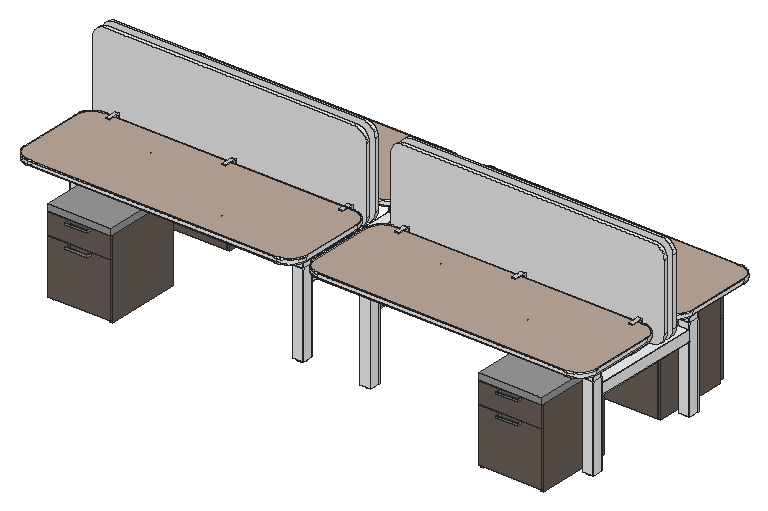
Revit family "T200098", category Furniture, Revit 2022 (continued)
Definition of nested family "OFS RANGE HEIGHT ADJUSTABLE BENCH KIT"
  Forms (in)
    Extrusion 8, solid, material <- "Structure Material"
      sketch origin (0, 10.875, 0) x (1, 0, 0) y (0, 0, 1)
        loop
          arc (-22, 26.875) -> (-21.96339, 26.78661) -> (-21.875, 26.75) r 0.125
          line (-21.875, 26.75) -> (-21, 26.75)
          arc (-21, 26.75) -> (-20.91161, 26.78661) -> (-20.875, 26.875) r 0.125
          line (-20.875, 26.875) -> (-20.875, 27.75)
          arc (-20.875, 27.75) -> (-20.91161, 27.83839) -> (-21, 27.875) r 0.125
          line (-21, 27.875) -> (-21.875, 27.875)
      from 29.99878 to 45.75
    Extrusion 9, solid, material <- "Structure Material"
      sketch origin (0, 0, 0) x (0, 1, 0) y (0, 0, 1)
        loop
          line (5.9375, 27.875) -> (5, 27.875)
          arc (5, 27.875) -> (4.91161, 27.83839) -> (4.875, 27.75) r 0.125
          line (4.875, 27.75) -> (4.875, 26.875)
          arc (4.875, 26.875) -> (4.91161, 26.78661) -> (5, 26.75) r 0.125
          line (5, 26.75) -> (5.9375, 26.75)
          arc (5.9375, 26.75) -> (6.02589, 26.78661) -> (6.0625, 26.875) r 0.125
          line (6.0625, 26.875) -> (6.0625, 27.75)
          arc (6.0625, 27.75) -> (6.02589, 27.83839) -> (5.9375, 27.875) r 0.125
        loop
          arc (0.0625, 27.875) -> (-0.02589, 27.83839) -> (-0.0625, 27.75) r 0.125
          line (-0.0625, 27.75) -> (-0.0625, 26.875)
          arc (-0.0625, 26.875) -> (-0.02589, 26.78661) -> (0.0625, 26.75) r 0.125
          line (0.0625, 26.75) -> (1, 26.75)
          arc (1, 26.75) -> (1.08839, 26.78661) -> (1.125, 26.875) r 0.125
          line (1.125, 26.875) -> (1.125, 27.75)
          arc (1.125, 27.75) -> (1.08839, 27.83839) -> (1, 27.875) r 0.125
          line (1, 27.875) -> (0.0625, 27.875)
        loop
          line (-24.0625, 27.875) -> (-25, 27.875)
          arc (-25, 27.875) -> (-25.08839, 27.83839) -> (-25.125, 27.75) r 0.125
          line (-25.125, 27.75) -> (-25.125, 26.875)
          arc (-25.125, 26.875) -> (-25.08839, 26.78661) -> (-25, 26.75) r 0.125
          line (-25, 26.75) -> (-24.0625, 26.75)
          arc (-24.0625, 26.75) -> (-23.97411, 26.78661) -> (-23.9375, 26.875) r 0.125
          line (-23.9375, 26.875) -> (-23.9375, 27.75)
          arc (-23.9375, 27.75) -> (-23.97411, 27.83839) -> (-24.0625, 27.875) r 0.125
        loop
          arc (-29.9375, 27.875) -> (-30.02589, 27.83839) -> (-30.0625, 27.75) r 0.125
          line (-30.0625, 27.75) -> (-30.0625, 26.875)
          arc (-30.0625, 26.875) -> (-30.02589, 26.78661) -> (-29.9375, 26.75) r 0.125
          line (-29.9375, 26.75) -> (-29, 26.75)
          arc (-29, 26.75) -> (-28.91161, 26.78661) -> (-28.875, 26.875) r 0.125
          line (-28.875, 26.875) -> (-28.875, 27.75)
          arc (-28.875, 27.75) -> (-28.91161, 27.83839) -> (-29, 27.875) r 0.125
          line (-29, 27.875) -> (-29.9375, 27.875)
      from -20.875 to -0.5
    Extrusion 10, solid, material <- "Structure Material"
      sketch origin (0, 0, 0) x (0, 1, 0) y (0, 0, 1)
        loop
          line (5.9375, 27.875) -> (5, 27.875)
          arc (5, 27.875) -> (4.91161, 27.83839) -> (4.875, 27.75) r 0.125
          line (4.875, 27.75) -> (4.875, 26.875)
          arc (4.875, 26.875) -> (4.91161, 26.78661) -> (5, 26.75) r 0.125
          line (5, 26.75) -> (5.9375, 26.75)
          arc (5.9375, 26.75) -> (6.02589, 26.78661) -> (6.0625, 26.875) r 0.125
          line (6.0625, 26.875) -> (6.0625, 27.75)
          arc (6.0625, 27.75) -> (6.02589, 27.83839) -> (5.9375, 27.875) r 0.125
        loop
          line (1, 27.875) -> (0.0625, 27.875)
          arc (0.0625, 27.875) -> (-0.02589, 27.83839) -> (-0.0625, 27.75) r 0.125
          line (-0.0625, 27.75) -> (-0.0625, 26.875)
          arc (-0.0625, 26.875) -> (-0.02589, 26.78661) -> (0.0625, 26.75) r 0.125
          line (0.0625, 26.75) -> (1, 26.75)
          arc (1, 26.75) -> (1.08839, 26.78661) -> (1.125, 26.875) r 0.125
          line (1.125, 26.875) -> (1.125, 27.75)
          arc (1.125, 27.75) -> (1.08839, 27.83839) -> (1, 27.875) r 0.125
        loop
          line (-29, 27.875) -> (-29.9375, 27.875)
          arc (-29.9375, 27.875) -> (-30.02589, 27.83839) -> (-30.0625, 27.75) r 0.125
          line (-30.0625, 27.75) -> (-30.0625, 26.875)
          arc (-30.0625, 26.875) -> (-30.02589, 26.78661) -> (-29.9375, 26.75) r 0.125
          line (-29.9375, 26.75) -> (-29, 26.75)
          arc (-29, 26.75) -> (-28.91161, 26.78661) -> (-28.875, 26.875) r 0.125
          line (-28.875, 26.875) -> (-28.875, 27.75)
          arc (-28.875, 27.75) -> (-28.91161, 27.83839) -> (-29, 27.875) r 0.125
        loop
          line (-24.0625, 27.875) -> (-25, 27.875)
          arc (-25, 27.875) -> (-25.08839, 27.83839) -> (-25.125, 27.75) r 0.125
          line (-25.125, 27.75) -> (-25.125, 26.875)
          arc (-25.125, 26.875) -> (-25.08839, 26.78661) -> (-25, 26.75) r 0.125
          line (-25, 26.75) -> (-24.0625, 26.75)
          arc (-24.0625, 26.75) -> (-23.97411, 26.78661) -> (-23.9375, 26.875) r 0.125
          line (-23.9375, 26.875) -> (-23.9375, 27.75)
          arc (-23.9375, 27.75) -> (-23.97411, 27.83839) -> (-24.0625, 27.875) r 0.125
      from 0.5 to 20.875
    Extrusion 11, solid, material <- "Structure Material"
      sketch origin (0, 0, 0) x (0, 1, 0) y (0, 0, 1)
        loop
          line (5.9375, 27.75) -> (5, 27.75) -> (5, 26.875) -> (5.9375, 26.875) -> (5.9375, 27.75)
        loop
          line (1, 27.75) -> (0.0625, 27.75) -> (0.0625, 26.875) -> (1, 26.875) -> (1, 27.75)
        loop
          line (-24.0625, 27.75) -> (-25, 27.75) -> (-25, 26.875) -> (-24.0625, 26.875) -> (-24.0625, 27.75)
        loop
          line (-29, 27.75) -> (-29.9375, 27.75) -> (-29.9375, 26.875) -> (-29, 26.875) -> (-29, 27.75)
      from -0.5 to 0.5
    Extrusion 12, solid, material <- "Structure Material"
      sketch origin (0, 0, 0) x (1, 0, 0) y (0, 1, 0)
        loop
          line (-20.5, 4.625) -> (-20.5, 1.375) -> (-16.75, 1.375) -> (-16.75, 4.625) -> (-20.5, 4.625)
        loop
          line (-20.5, -28.625) -> (-16.75, -28.625) -> (-16.75, -25.375) -> (-20.5, -25.375) -> (-20.5, -28.625)
        loop
          line (20.5, 4.625) -> (16.75, 4.625) -> (16.75, 1.375) -> (20.5, 1.375) -> (20.5, 4.625)
        loop
          line (20.5, -28.625) -> (20.5, -25.375) -> (16.75, -25.375) -> (16.75, -28.625) -> (20.5, -28.625)
      from 25.5 to 26
    Extrusion 13, solid, material <- "Structure Material"
      sketch origin (0, 0, 0) x (1, 0, 0) y (0, 1, 0)
        loop
          arc (-19.75, 4.25) -> (-19.83839, 4.21339) -> (-19.875, 4.125) r 0.125
          line (-19.875, 4.125) -> (-19.875, 1.875)
          arc (-19.875, 1.875) -> (-19.83839, 1.78661) -> (-19.75, 1.75) r 0.125
          line (-19.75, 1.75) -> (-17.5, 1.75)
          arc (-17.5, 1.75) -> (-17.41161, 1.78661) -> (-17.375, 1.875) r 0.125
          line (-17.375, 1.875) -> (-17.375, 4.125)
          arc (-17.375, 4.125) -> (-17.41161, 4.21339) -> (-17.5, 4.25) r 0.125
          line (-17.5, 4.25) -> (-19.75, 4.25)
        loop
          line (19.75, 4.25) -> (17.5, 4.25)
          arc (17.5, 4.25) -> (17.41161, 4.21339) -> (17.375, 4.125) r 0.125
          line (17.375, 4.125) -> (17.375, 1.875)
          arc (17.375, 1.875) -> (17.41161, 1.78661) -> (17.5, 1.75) r 0.125
          line (17.5, 1.75) -> (19.75, 1.75)
          arc (19.75, 1.75) -> (19.83839, 1.78661) -> (19.875, 1.875) r 0.125
          line (19.875, 1.875) -> (19.875, 4.125)
          arc (19.875, 4.125) -> (19.83839, 4.21339) -> (19.75, 4.25) r 0.125
        loop
          arc (19.75, -28.25) -> (19.83839, -28.21339) -> (19.875, -28.125) r 0.125
          line (19.875, -28.125) -> (19.875, -25.875)
          arc (19.875, -25.875) -> (19.83839, -25.78661) -> (19.75, -25.75) r 0.125
          line (19.75, -25.75) -> (17.5, -25.75)
          arc (17.5, -25.75) -> (17.41161, -25.78661) -> (17.375, -25.875) r 0.125
          line (17.375, -25.875) -> (17.375, -28.125)
          arc (17.375, -28.125) -> (17.41161, -28.21339) -> (17.5, -28.25) r 0.125
          line (17.5, -28.25) -> (19.75, -28.25)
        loop
          line (-19.75, -28.25) -> (-17.5, -28.25)
          arc (-17.5, -28.25) -> (-17.41161, -28.21339) -> (-17.375, -28.125) r 0.125
          line (-17.375, -28.125) -> (-17.375, -25.875)
          arc (-17.375, -25.875) -> (-17.41161, -25.78661) -> (-17.5, -25.75) r 0.125
          line (-17.5, -25.75) -> (-19.75, -25.75)
          arc (-19.75, -25.75) -> (-19.83839, -25.78661) -> (-19.875, -25.875) r 0.125
          line (-19.875, -25.875) -> (-19.875, -28.125)
          arc (-19.875, -28.125) -> (-19.83839, -28.21339) -> (-19.75, -28.25) r 0.125
      from 21.25 to 25.5
    Blend 14, solid, material <- "Structure Material"
      base sketch origin (0, 0, 0) x (1, 0, 0) y (0, 1, 0)
        loop
          arc (-12.71653, -28.875) -> (-12.15432, -27) -> (-12.71653, -25.125) r 3.40773
          line (-12.71653, -25.125) -> (-20.875, -25.125) -> (-20.875, -28.875) -> (-12.71653, -28.875)
      top sketch origin (0, 0, 0) x (1, 0, 0) y (0, 1, 0)
        loop
          line (-12.71653, -28.875) -> (-12.71653, -25.125) -> (-20.875, -25.125) -> (-20.875, -28.875) -> (-12.71653, -28.875)
      from 27.875 to 26
    Blend 15, solid, material <- "Structure Material"
      base sketch origin (0, 0, 0) x (-1, 0, 0) y (0, -1, 0)
        loop
          line (-12.71653, 28.875) -> (-20.875, 28.875) -> (-20.875, 25.125) -> (-12.71653, 25.125)
          arc (-12.71653, 25.125) -> (-12.15432, 27) -> (-12.71653, 28.875) r 3.40773
      top sketch origin (0, 0, 0) x (-1, 0, 0) y (0, -1, 0)
        loop
          line (-12.71653, 28.875) -> (-20.875, 28.875) -> (-20.875, 25.125) -> (-12.71653, 25.125) -> (-12.71653, 28.875)
      from 27.875 to 26
    Blend 16, solid, material <- "Structure Material"
      base sketch origin (0, -24, 0) x (1, 0, 0) y (0, 1, 0)
        loop
          line (-12.71653, 28.875) -> (-20.875, 28.875) -> (-20.875, 25.125) -> (-12.71653, 25.125)
          arc (-12.71653, 25.125) -> (-12.15432, 27) -> (-12.71653, 28.875) r 3.40773
      top sketch origin (0, -24, 0) x (1, 0, 0) y (0, 1, 0)
        loop
          line (-12.71653, 28.875) -> (-20.875, 28.875) -> (-20.875, 25.125) -> (-12.71653, 25.125) -> (-12.71653, 28.875)
      from 27.875 to 26
    Blend 17, solid, material <- "Structure Material"
      base sketch origin (0, -24, 0) x (-1, 0, 0) y (0, -1, 0)
        loop
          arc (-12.71653, -28.875) -> (-12.15432, -27) -> (-12.71653, -25.125) r 3.40773
          line (-12.71653, -25.125) -> (-20.875, -25.125) -> (-20.875, -28.875) -> (-12.71653, -28.875)
      top sketch origin (0, -24, 0) x (-1, 0, 0) y (0, -1, 0)
        loop
          line (-12.71653, -28.875) -> (-12.71653, -25.125) -> (-20.875, -25.125) -> (-20.875, -28.875) -> (-12.71653, -28.875)
      from 27.875 to 26
  Dimensions and locks (in)
    "Depth": plane 4 "Front" to plane 1 "Back"
    equal spacing: plane 5 "Left", plane 3 "Center Left/Right", plane 6 "Right"
    "Width": plane 5 "Left" to plane 6 "Right"
    "Height": plane 7 to level
    equal spacing: plane 4 "Front", plane 8, plane 1 "Back"
    plane 11 to plane 9 to plane 10 to level = 1 1/2" locked, 2 3/4" locked, 17" locked
    plane 5 "Left" to plane 12 to plane 14 = 2" locked, 2 3/4" locked
    plane 15 to plane 13 to plane 6 "Right" = 2 3/4" locked, 2" locked
    plane 1 "Back" to plane 16 to plane 17 = 6 1/2" locked, 2 3/4" locked
    plane 4 "Front" to plane 18 to plane 19 = 6 1/2" locked, 2 3/4" locked
    locked: plane 20 to level at 0.375
    locked: plane 5 "Left" to plane 21 at 1.125
    locked: plane 6 "Right" to plane 22 at 1.125
    plane 23 to plane 8 to plane 24 = 7.12378" locked, 7.12378" locked
    locked: plane 7 to plane 25 at 1.125
    plane 19 to plane 27 to plane 26 = 1/2" locked, 1 3/16" locked
    plane 18 to plane 29 to plane 28 = 1/2" locked, 1 3/16" locked
    plane 17 to plane 31 to plane 30 = 1/2" locked, 1 3/16" locked
    plane 16 to plane 33 to plane 32 = 1/2" locked, 1 3/16" locked
    locked: plane 5 "Left" to plane 34 at 21.5
    locked: plane 6 "Right" to plane 35 at 21.5
    plane 7 to plane 37 to plane 36 = 1 7/8" locked, 1/2" locked
    Blend 14 sketch curve to Blend 14 sketch curve = 8.72068"
    Blend 15 sketch curve to Blend 15 sketch curve = 8.72068"
    Blend 16 sketch curve to Blend 16 sketch curve = 8.72068"
    Blend 17 sketch curve to Blend 17 sketch curve = 8.72068"
    aligned and locked: level to plane 2
    aligned and locked: Extrusion 1 sketch curve to plane 16  (x2)
    aligned and locked: plane 12 to Extrusion 1 sketch curve  (x2)
    aligned and locked: plane 17 to Extrusion 1 sketch curve  (x2)
    aligned and locked: Extrusion 1 sketch curve to plane 14  (x2)
    aligned and locked: Extrusion 1 sketch curve to plane 15  (x2)
    aligned and locked: plane 13 to Extrusion 1 sketch curve  (x2)
    aligned and locked: Extrusion 1 sketch curve to plane 18  (x2)
    aligned and locked: plane 19 to Extrusion 1 sketch curve  (x2)
    aligned and locked: Extrusion 1 to plane 20
    aligned and locked: Extrusion 2 sketch curve to plane 9
    aligned and locked: plane 12 to Extrusion 2 sketch curve
    aligned and locked: plane 10 to Extrusion 2 sketch curve
    aligned and locked: Extrusion 2 sketch curve to plane 14
    aligned and locked: plane 9 to Extrusion 2 sketch curve
    aligned and locked: Extrusion 2 sketch curve to plane 13
    aligned and locked: Extrusion 2 sketch curve to plane 10
    aligned and locked: plane 15 to Extrusion 2 sketch curve
    aligned and locked: plane 19 to Extrusion 2
    aligned and locked: plane 17 to Extrusion 2
    aligned and locked: Extrusion 7 sketch curve to plane 7  (x2)
    aligned and locked: plane 5 "Left" to Extrusion 7 sketch curve
    aligned and locked: plane 25 to Extrusion 7 sketch curve  (x2)
    aligned and locked: Extrusion 7 sketch curve to plane 21
    aligned and locked: Extrusion 7 sketch curve to plane 22
    aligned and locked: plane 6 "Right" to Extrusion 7 sketch curve
    aligned and locked: plane 7 to Extrusion 8 sketch curve
    aligned and locked: Extrusion 8 sketch curve to plane 6 "Right"
    aligned and locked: Extrusion 8 sketch curve to plane 25
    aligned and locked: plane 22 to Extrusion 8 sketch curve
    aligned and locked: Extrusion 8 sketch curve to plane 7
    aligned and locked: plane 5 "Left" to Extrusion 8 sketch curve
    aligned and locked: Extrusion 8 sketch curve to plane 21
    aligned and locked: Extrusion 7 to plane 1 "Back"
    aligned and locked: plane 4 "Front" to Extrusion 8
    aligned and locked: Extrusion 8 to plane 24
    aligned and locked: Extrusion 7 to plane 23
    aligned and locked: plane 7 to Extrusion 9 sketch curve  (x2)
    aligned and locked: Extrusion 9 sketch curve to plane 32
    aligned and locked: Extrusion 9 sketch curve to plane 25  (x2)
    aligned and locked: plane 33 to Extrusion 9 sketch curve
    aligned and locked: Extrusion 9 sketch curve to plane 7  (x2)
    aligned and locked: plane 30 to Extrusion 9 sketch curve
    aligned and locked: plane 25 to Extrusion 9 sketch curve  (x2)
    aligned and locked: Extrusion 9 sketch curve to plane 31
    aligned and locked: Extrusion 9 sketch curve to plane 26
    aligned and locked: plane 27 to Extrusion 9 sketch curve
    aligned and locked: plane 28 to Extrusion 9 sketch curve
    aligned and locked: Extrusion 9 sketch curve to plane 29
    aligned and locked: Extrusion 9 to plane 21
    aligned and locked: plane 34 to Extrusion 9
    aligned and locked: plane 7 to Extrusion 10 sketch curve  (x4)
    aligned and locked: Extrusion 10 sketch curve to plane 32
    aligned and locked: Extrusion 10 sketch curve to plane 25  (x4)
    aligned and locked: plane 33 to Extrusion 10 sketch curve
    aligned and locked: plane 31 to Extrusion 10 sketch curve
    aligned and locked: Extrusion 10 sketch curve to plane 30
    aligned and locked: plane 29 to Extrusion 10 sketch curve
    aligned and locked: Extrusion 10 sketch curve to plane 28
    aligned and locked: Extrusion 10 sketch curve to plane 26
    aligned and locked: plane 27 to Extrusion 10 sketch curve
    aligned and locked: plane 35 to Extrusion 10
    aligned and locked: Extrusion 10 to plane 22
    aligned and locked: Extrusion 11 to plane 34
    aligned and locked: Extrusion 11 to plane 35
    aligned and locked: plane 11 to Extrusion 1
    aligned and locked: plane 36 to Extrusion 12
    aligned and locked: plane 37 to Extrusion 12
    aligned and locked: Extrusion 13 to plane 11
    aligned and locked: plane 36 to Extrusion 13
    aligned and locked: plane 29 to Blend 14 sketch curve  (x2)
    aligned and locked: plane 27 to Blend 14 sketch curve  (x2)
    aligned and locked: plane 21 to Blend 14 sketch curve
    aligned and locked: Blend 14 sketch curve to plane 21
    aligned and locked: Blend 14 to plane 37
    aligned and locked: plane 7 to Blend 14
    aligned and locked: plane 7 to Blend 15
    aligned and locked: plane 7 to Blend 17
    aligned and locked: plane 7 to Blend 16
    aligned and locked: Blend 16 to plane 37
    aligned and locked: Blend 15 to plane 37
    aligned and locked: Blend 17 to plane 37
  Automatic sketch dimensions
    plane 12 to Extrusion 1 sketch curve = 1/8"  (x4)
    Extrusion 1 sketch curve to Extrusion 1 sketch curve = 1/8"  (x3)
    Extrusion 1 sketch curve to plane 14 = 1/8"  (x2)
    Extrusion 1 sketch curve to plane 15 = 1/8"  (x3)
    plane 13 to Extrusion 1 sketch curve = 1/8"  (x4)
    plane 12 to Extrusion 2 sketch curve = 1/8"
    Extrusion 2 sketch curve to plane 9 = 1/8"  (x3)
    Extrusion 2 sketch curve to Extrusion 2 sketch curve = 1/8"
    Extrusion 2 sketch curve to plane 15 = 1/8"  (x2)
    plane 13 to Extrusion 2 sketch curve = 1/8"
    Revolve 3 sketch curve to plane 20 = 0"
    level to Revolve 3 sketch curve = 0.03937"
    plane 12 to Revolve 3 sketch curve = 0.36597"
    Revolve 3 sketch curve to Revolve 3 sketch curve = 0.17931"
    Revolve 3 sketch curve to Revolve 3 sketch curve = 0.82973"
    Revolve 3 sketch curve to Revolve 3 sketch curve = 0.15632"
    Revolve 3 sketch curve to Revolve 3 sketch curve = 0"  (x2)
    Revolve 3 sketch curve to level = 1.46063"
    Revolve 4 sketch curve to plane 20 = 0"
    level to Revolve 4 sketch curve = 0.03937"
    plane 13 to Revolve 4 sketch curve = 0.36597"
    Revolve 4 sketch curve to Revolve 4 sketch curve = 0.17931"
    Revolve 4 sketch curve to Revolve 4 sketch curve = 0.82973"
    Revolve 4 sketch curve to Revolve 4 sketch curve = 0.15632"
    Revolve 4 sketch curve to Revolve 4 sketch curve = 0"  (x2)
    Revolve 4 sketch curve to level = 1.46063"
    Revolve 5 sketch curve to plane 20 = 0"
    level to Revolve 5 sketch curve = 0.03937"
    plane 12 to Revolve 5 sketch curve = 0.36597"
    Revolve 5 sketch curve to Revolve 5 sketch curve = 0.17931"
    Revolve 5 sketch curve to Revolve 5 sketch curve = 0.82973"
    Revolve 5 sketch curve to Revolve 5 sketch curve = 0.15632"
    Revolve 5 sketch curve to Revolve 5 sketch curve = 0"  (x2)
    Revolve 5 sketch curve to level = 1.46063"
    Revolve 6 sketch curve to plane 20 = 0"
    level to Revolve 6 sketch curve = 0.03937"
    plane 13 to Revolve 6 sketch curve = 0.36597"
    Revolve 6 sketch curve to Revolve 6 sketch curve = 0.17931"
    Revolve 6 sketch curve to Revolve 6 sketch curve = 0.82973"
    Revolve 6 sketch curve to Revolve 6 sketch curve = 0.15632"
    Revolve 6 sketch curve to Revolve 6 sketch curve = 0"  (x2)
    Revolve 6 sketch curve to level = 1.46063"
    plane 5 "Left" to Extrusion 7 sketch curve = 1/8"  (x2)
    Extrusion 7 sketch curve to plane 21 = 1/8"
    Extrusion 7 sketch curve to Extrusion 7 sketch curve = 1/8"
    Extrusion 7 sketch curve to plane 22 = 1/8"
    Extrusion 7 sketch curve to plane 7 = 1/8"
    plane 6 "Right" to Extrusion 7 sketch curve = 1/8"  (x2)
    Extrusion 8 sketch curve to plane 25 = 0"
    plane 5 "Left" to Extrusion 8 sketch curve = 1/8"  (x2)
    Extrusion 8 sketch curve to plane 21 = 1/8"
    Extrusion 8 sketch curve to Extrusion 8 sketch curve = 1/8"  (x2)
    Extrusion 8 sketch curve to plane 22 = 1/8"
    plane 6 "Right" to Extrusion 8 sketch curve = 1/8"  (x2)
    plane 25 to Extrusion 9 sketch curve = 1/8"  (x7)
    Extrusion 9 sketch curve to Extrusion 9 sketch curve = 1/8"  (x5)
    Extrusion 9 sketch curve to plane 29 = 1/8"
    Extrusion 9 sketch curve to plane 27 = 1/8"
    plane 26 to Extrusion 9 sketch curve = 1/8"
    Extrusion 9 sketch curve to plane 31 = 1/8"
    plane 28 to Extrusion 10 sketch curve = 1/8"
    Extrusion 10 sketch curve to Extrusion 10 sketch curve = 1/8"  (x8)
    Extrusion 10 sketch curve to plane 29 = 1/8"
    plane 25 to Extrusion 10 sketch curve = 1/8"  (x3)
    plane 30 to Extrusion 10 sketch curve = 1/8"
    Extrusion 10 sketch curve to plane 33 = 1/8"
    plane 32 to Extrusion 10 sketch curve = 1/8"
    plane 28 to Extrusion 11 sketch curve = 1/8"
    Extrusion 11 sketch curve to plane 29 = 1/8"
    Extrusion 11 sketch curve to plane 27 = 1/8"
    plane 26 to Extrusion 11 sketch curve = 1/8"
    plane 30 to Extrusion 11 sketch curve = 1/8"
    Extrusion 11 sketch curve to plane 31 = 1/8"
    Extrusion 11 sketch curve to plane 33 = 1/8"
    plane 32 to Extrusion 11 sketch curve = 1/8"
    plane 25 to Extrusion 11 sketch curve = 1/8"  (x4)
    Extrusion 11 sketch curve to plane 7 = 1/8"  (x4)
    plane 21 to Extrusion 12 sketch curve = 3/8"  (x2)
    plane 14 to Extrusion 12 sketch curve = 1/2"  (x2)
    plane 15 to Extrusion 12 sketch curve = 1/2"  (x2)
    plane 22 to Extrusion 12 sketch curve = 3/8"  (x2)
    plane 18 to Extrusion 12 sketch curve = 1/4"  (x2)
    Extrusion 12 sketch curve to plane 19 = 1/4"  (x2)
    Extrusion 12 sketch curve to plane 17 = 1/4"  (x2)
    plane 16 to Extrusion 12 sketch curve = 1/4"  (x2)
    plane 12 to Extrusion 13 sketch curve = 1/8"  (x2)
    Extrusion 13 sketch curve to Extrusion 13 sketch curve = 1/8"  (x10)
    plane 17 to Extrusion 13 sketch curve = 1/8"  (x2)
    plane 19 to Extrusion 13 sketch curve = 1/8"
    Extrusion 13 sketch curve to plane 14 = 1/4"  (x4)
    Extrusion 13 sketch curve to plane 14 = 1/8"
    Extrusion 13 sketch curve to plane 15 = 1/8"  (x2)
    plane 13 to Extrusion 13 sketch curve = 1/4"  (x4)
    plane 13 to Extrusion 13 sketch curve = 1/8"
    Extrusion 13 sketch curve to plane 18 = 1/4"  (x2)
    plane 19 to Extrusion 13 sketch curve = 1/4"
    Extrusion 13 sketch curve to plane 16 = 1/4"  (x2)
    plane 14 to Blend 14 sketch curve = 1.68794"
    Blend 14 sketch curve to Blend 14 sketch curve = 2.84553"
    plane 14 to Blend 14 sketch curve = 4.53347"
    Blend 15 sketch curve to plane 22 = 0"  (x2)
    Blend 15 sketch curve to plane 29 = 0"  (x2)
    plane 27 to Blend 15 sketch curve = 0"  (x2)
    Blend 15 sketch curve to plane 15 = 1.68794"
    Blend 15 sketch curve to Blend 15 sketch curve = 2.84553"
    Blend 15 sketch curve to plane 15 = 4.53347"
    Blend 16 sketch curve to plane 21 = 0"  (x2)
    plane 33 to Blend 16 sketch curve = 0"  (x2)
    Blend 16 sketch curve to plane 31 = 0"  (x2)
    Blend 16 sketch curve to plane 14 = 1.68794"
    Blend 16 sketch curve to Blend 16 sketch curve = 2.84553"
    Blend 16 sketch curve to plane 14 = 4.53347"
    Blend 17 sketch curve to plane 22 = 0"  (x2)
    plane 33 to Blend 17 sketch curve = 0"  (x2)
    Blend 17 sketch curve to plane 31 = 0"  (x2)
    plane 15 to Blend 17 sketch curve = 1.68794"
    Blend 17 sketch curve to Blend 17 sketch curve = 2.84553"
    plane 15 to Blend 17 sketch curve = 4.53347"
Definition of nested family "OFS RANGE END CAP"
  Parameters (values of type "END CAP")
    Width = 9"
    URL = "http://www.ofs.com/"
    Model = "HB-EC"
    Manufacturer = "CAROLINA"
    Height from Floor = 15"
    Height = 2"
    Profile Material = none
    Description = "OFS CAROLINA END CAP, for Cable Carrier"
    Depth = 1"
    Default Elevation = 0"
    Copyright © = "©OFS 2019"
    Catalog = "https://ofs.com/products/open-plan/benching/range"
    Authoring Version = "Autodesk Revit Architecture 2015"
    Assembly Code = "E2020200"
  Reference planes (in)
    plane 1 "Back": y = -11.5
    plane 2: z = 0
    plane 3 "Center Left/Right": x = 0
    plane 4 "Front": y = -12.5
    plane 5 "Left": x = -4.5
    plane 6 "Right": x = 4.5
    plane 7: z = 15
    plane 8: z = 17
    plane 9: y = -12
  Forms (in)
    Extrusion 1, solid, material <- "Profile Material"
      sketch origin (1, -13.68515, 0) x (0, -1, 0) y (1, 0, 0)
        loop
          line (-2.18515, 3.74409) -> (-2.18515, -5.74409)
          arc (-2.18515, -5.74409) -> (-2.12047, -5.80878) -> (-2.05578, -5.74409) r 0.06469
          line (-2.05578, -5.74409) -> (-2.05578, -5.45499)
          arc (-2.05578, -5.45499) -> (-2.05002, -5.44107) -> (-2.0361, -5.43531) r 0.01969
          line (-2.0361, -5.43531) -> (-1.31338, -5.43531) -> (-1.31338, -5.39031) -> (-2.0361, -5.39031)
          arc (-2.0361, -5.39031) -> (-2.08184, -5.40925) -> (-2.10078, -5.45499) r 0.06469
          line (-2.10078, -5.45499) -> (-2.10078, -5.74409)
          arc (-2.10078, -5.74409) -> (-2.12047, -5.76378) -> (-2.14015, -5.74409) r 0.01969
          line (-2.14015, -5.74409) -> (-2.14015, 3.74409)
          arc (-2.14015, 3.74409) -> (-2.12047, 3.76378) -> (-2.10078, 3.74409) r 0.01969
          line (-2.10078, 3.74409) -> (-2.10078, 3.45499)
          arc (-2.10078, 3.45499) -> (-2.08184, 3.40925) -> (-2.0361, 3.39031) r 0.06469
          line (-2.0361, 3.39031) -> (-1.31338, 3.39031) -> (-1.31338, 3.43531) -> (-2.0361, 3.43531)
          arc (-2.0361, 3.43531) -> (-2.05002, 3.44107) -> (-2.05578, 3.45499) r 0.01969
          line (-2.05578, 3.45499) -> (-2.05578, 3.74409)
          arc (-2.05578, 3.74409) -> (-2.12047, 3.80878) -> (-2.18515, 3.74409) r 0.06469
      from 15 to 17
    Extrusion 2, void
      sketch origin (0, 0, 0) x (0, 1, 0) y (0, 0, 1)
        loop
          line (-12.18427, 16.85665) -> (-11.64906, 16.85665) -> (-11.64906, 17.10665) -> (-12.64906, 17.10665) -> (-12.64906, 14.89335) -> (-11.64906, 14.89335) -> (-11.64906, 15.14335) -> (-12.18427, 15.14335)
          arc (-12.18427, 15.14335) -> (-12.31685, 15.19827) -> (-12.37177, 15.33085) r 0.1875
          line (-12.37177, 15.33085) -> (-12.37177, 16.66915)
          arc (-12.37177, 16.66915) -> (-12.31685, 16.80173) -> (-12.18427, 16.85665) r 0.1875
        loop
          circle (-12.03905, 15.42172) r 0.10313
      from -4.5 to 4.5
  Cuts and joins
    Extrusion 2 cuts Extrusion 1
  Dimensions and locks (in)
    "Depth": plane 4 "Front" to plane 1 "Back"
    equal spacing: plane 5 "Left", plane 3 "Center Left/Right", plane 6 "Right"
    "Width": plane 5 "Left" to plane 6 "Right"
    "Height from Floor": plane 7 to level
    "Height": plane 8 to plane 7
    equal spacing: plane 4 "Front", plane 9, plane 1 "Back"
    aligned and locked: level to plane 2
    aligned and locked: plane 8 to Extrusion 1
    aligned and locked: Extrusion 1 to plane 7
  Automatic sketch dimensions
    Extrusion 1 sketch curve to Extrusion 1 sketch curve = 0"  (x8)
    Extrusion 1 sketch curve to plane 4 "Front" = 1"
    Extrusion 1 sketch curve to Extrusion 1 sketch curve = 0.045"
    Extrusion 1 sketch curve to Extrusion 1 sketch curve = 0.01969"  (x4)
    Extrusion 1 sketch curve to Extrusion 1 sketch curve = 0.72272"  (x2)
    Extrusion 1 sketch curve to plane 5 "Left" = 0.24409"
    Extrusion 1 sketch curve to Extrusion 1 sketch curve = 0.2891"  (x2)
    plane 5 "Left" to Extrusion 1 sketch curve = 8.89031"
    plane 4 "Front" to Extrusion 2 sketch curve = 0.14906"
    Extrusion 2 sketch curve to plane 4 "Front" = 0.12823"
    Extrusion 2 sketch curve to plane 9 = 0.18427"  (x2)
    Extrusion 2 sketch curve to plane 9 = 5/128"
    plane 1 "Back" to Extrusion 2 sketch curve = 0.14906"  (x2)
    Extrusion 2 sketch curve to plane 7 = 0.10665"
    plane 7 to Extrusion 2 sketch curve = 0.14335"
    Extrusion 2 sketch curve to Extrusion 2 sketch curve = 0.09087"
    Extrusion 2 sketch curve to plane 8 = 0.33085"
    plane 8 to Extrusion 2 sketch curve = 0.10665"
    radius of Extrusion 2 sketch curve = 0.10313"
Definition of nested family "OFS RANGE HEIGHT ADJUSTABLE GANGING TRAY"
  Parameters (values of type "HEIGHT ADJUSTABLE GANGING TRAY")
    Width = 22"
    URL = "http://www.ofs.com/"
    Model = "HB-GKT"
    Manufacturer = "CAROLINA"
    Height from Floor = 15"
    Height = 2"
    Profile Material = none
    Description = "OFS CAROLINA HEIGHT ADJUSTABLE GANGING TRAY"
    Depth = 9 1/4"
    Default Elevation = 0"
    Copyright © = "©OFS 2019"
    Catalog = "https://ofs.com/products/open-plan/benching/range"
    Authoring Version = "Autodesk Revit Architecture 2015"
    Assembly Code = "E2020200"
  Reference planes (in)
    plane 1 "Back": y = -7.375
    plane 2: z = 0
    plane 3 "Center Left/Right": x = 0
    plane 4 "Front": y = -16.625
    plane 5 "Left": x = -11
    plane 6 "Right": x = 11
    plane 7: z = 15
    plane 8: z = 17
    plane 9: y = -12
    plane 10: x = -6.875
    plane 11: x = 6.875
  Forms (in)
    Extrusion 1, solid, material <- "Profile Material"
      sketch origin (0, 0, 0) x (0, 1, 0) y (0, 0, 1)
        loop
          line (-7.57087, 15) -> (-7.57087, 16.94094) -> (-7.62992, 16.94094) -> (-7.62992, 15.05906) -> (-16.37008, 15.05906) -> (-16.37008, 16.94094) -> (-16.42913, 16.94094) -> (-16.42913, 15) -> (-7.57087, 15)
      from -11 to 11
    Extrusion 2, void
      sketch origin (0, 0, 0) x (1, 0, 0) y (0, 1, 0)
        loop
          arc (-10.2126, -9.74311) -> (-10.24719, -9.65959) -> (-10.33071, -9.625) r 0.11811
          line (-10.33071, -9.625) -> (-10.88189, -9.625)
          arc (-10.88189, -9.625) -> (-10.96541, -9.59041) -> (-11, -9.50689) r 0.11811
          line (-11, -9.50689) -> (-11, -7.375) -> (-11.5, -7.375) -> (-11.5, -16.625) -> (-11, -16.625) -> (-11, -14.49311)
          arc (-11, -14.49311) -> (-10.96541, -14.40959) -> (-10.88189, -14.375) r 0.11811
          line (-10.88189, -14.375) -> (-10.33071, -14.375)
          arc (-10.33071, -14.375) -> (-10.24719, -14.34041) -> (-10.2126, -14.25689) r 0.11811
          line (-10.2126, -14.25689) -> (-10.2126, -9.74311)
        loop
          arc (-9.11614, -10.75) -> (-9.29292, -10.82322) -> (-9.36614, -11) r 0.25
          line (-9.36614, -11) -> (-9.36614, -13)
          arc (-9.36614, -13) -> (-9.29292, -13.17678) -> (-9.11614, -13.25) r 0.25
          line (-9.11614, -13.25) -> (-7.11614, -13.25)
          arc (-7.11614, -13.25) -> (-6.93937, -13.17678) -> (-6.86614, -13) r 0.25
          line (-6.86614, -13) -> (-6.86614, -11)
          arc (-6.86614, -11) -> (-6.93937, -10.82322) -> (-7.11614, -10.75) r 0.25
          line (-7.11614, -10.75) -> (-9.11614, -10.75)
        loop
          arc (-1, -10.75) -> (-1.17678, -10.82322) -> (-1.25, -11) r 0.25
          line (-1.25, -11) -> (-1.25, -13)
          arc (-1.25, -13) -> (-1.17678, -13.17678) -> (-1, -13.25) r 0.25
          line (-1, -13.25) -> (1, -13.25)
          arc (1, -13.25) -> (1.17678, -13.17678) -> (1.25, -13) r 0.25
          line (1.25, -13) -> (1.25, -11)
          arc (1.25, -11) -> (1.17678, -10.82322) -> (1, -10.75) r 0.25
          line (1, -10.75) -> (-1, -10.75)
        loop
          line (10.2126, -9.74311) -> (10.2126, -14.25689)
          arc (10.2126, -14.25689) -> (10.24719, -14.34041) -> (10.33071, -14.375) r 0.11811
          line (10.33071, -14.375) -> (10.88189, -14.375)
          arc (10.88189, -14.375) -> (10.96541, -14.40959) -> (11, -14.49311) r 0.11811
          line (11, -14.49311) -> (11, -16.625) -> (11.5, -16.625) -> (11.5, -7.375) -> (11, -7.375) -> (11, -9.50689)
          arc (11, -9.50689) -> (10.96541, -9.59041) -> (10.88189, -9.625) r 0.11811
          line (10.88189, -9.625) -> (10.33071, -9.625)
          arc (10.33071, -9.625) -> (10.24719, -9.65959) -> (10.2126, -9.74311) r 0.11811
        loop
          line (9.11614, -10.75) -> (7.11614, -10.75)
          arc (7.11614, -10.75) -> (6.93937, -10.82322) -> (6.86614, -11) r 0.25
          line (6.86614, -11) -> (6.86614, -13)
          arc (6.86614, -13) -> (6.93937, -13.17678) -> (7.11614, -13.25) r 0.25
          line (7.11614, -13.25) -> (9.11614, -13.25)
          arc (9.11614, -13.25) -> (9.29292, -13.17678) -> (9.36614, -13) r 0.25
          line (9.36614, -13) -> (9.36614, -11)
          arc (9.36614, -11) -> (9.29292, -10.82322) -> (9.11614, -10.75) r 0.25
        loop
          circle (-9.11618, -9.9973) r 0.07759
        loop
          circle (-7.1161, -9.9973) r 0.07759
        loop
          circle (-9.11618, -14.0027) r 0.07759
        loop
          circle (-7.1161, -14.0027) r 0.07759
        loop
          circle (9.11618, -9.9973) r 0.07759
        loop
          circle (7.1161, -9.9973) r 0.07759
        loop
          circle (9.11618, -14.0027) r 0.07759
        loop
          circle (7.1161, -14.0027) r 0.07759
      from 13.92521 to 20.02013
    Extrusion 3, void
      sketch origin (0, -7.375, 0) x (1, 0, 0) y (0, 0, 1)
        loop
          line (-10.875, 16.61811) -> (-7, 16.61811)
          arc (-7, 16.61811) -> (-6.91161, 16.65472) -> (-6.875, 16.74311) r 0.125
          line (-6.875, 16.74311) -> (-6.875, 16.81594)
          arc (-6.875, 16.81594) -> (-6.83839, 16.90433) -> (-6.75, 16.94094) r 0.125
          line (-6.75, 16.94094) -> (-6.75, 17.44094) -> (-11.32241, 17.44094) -> (-11.32241, 16.49311) -> (-11, 16.49311)
          arc (-11, 16.49311) -> (-10.96339, 16.5815) -> (-10.875, 16.61811) r 0.125
        loop
          arc (10.875, 16.61811) -> (10.96339, 16.5815) -> (11, 16.49311) r 0.125
          line (11, 16.49311) -> (11.32241, 16.49311) -> (11.32241, 17.5) -> (6.75, 17.5) -> (6.75, 16.94094)
          arc (6.75, 16.94094) -> (6.83839, 16.90433) -> (6.875, 16.81594) r 0.125
          line (6.875, 16.81594) -> (6.875, 16.74311)
          arc (6.875, 16.74311) -> (6.91161, 16.65472) -> (7, 16.61811) r 0.125
          line (7, 16.61811) -> (10.875, 16.61811)
      from 0 to 9.25
    Extrusion 4, solid, material <- "Profile Material"
      sketch origin (0, 0, 0) x (0, 1, 0) y (0, 0, 1)
        loop
          line (-16.4685, 16.94094) -> (-7.5315, 16.94094) -> (-7.5315, 15) -> (-7.47244, 15) -> (-7.47244, 17) -> (-16.52756, 17) -> (-16.52756, 15) -> (-16.4685, 15) -> (-16.4685, 16.94094)
      from -6.875 to 6.875
  Cuts and joins
    Extrusion 2, Extrusion 3 cuts Extrusion 1
  Dimensions and locks (in)
    "Depth": plane 4 "Front" to plane 1 "Back"
    equal spacing: plane 5 "Left", plane 3 "Center Left/Right", plane 6 "Right"
    "Width": plane 5 "Left" to plane 6 "Right"
    "Height from Floor": plane 7 to level
    "Height": plane 8 to plane 7
    equal spacing: plane 4 "Front", plane 9, plane 1 "Back"
    plane 11 to plane 3 "Center Left/Right" to plane 10 = 6 7/8", 6 7/8"
    aligned and locked: level to plane 2
    aligned and locked: Extrusion 1 to plane 6 "Right"
    aligned and locked: Extrusion 1 to plane 5 "Left"
    aligned and locked: plane 4 "Front" to Extrusion 3
    aligned and locked: Extrusion 3 to plane 1 "Back"
    aligned and locked: Extrusion 4 to plane 10
    aligned and locked: Extrusion 4 to plane 11
  Automatic sketch dimensions
    plane 1 "Back" to Extrusion 1 sketch curve = 0.19587"
    Extrusion 1 sketch curve to plane 4 "Front" = 0.19587"
    Extrusion 1 sketch curve to plane 8 = 0.05906"  (x2)
    Extrusion 1 sketch curve to Extrusion 1 sketch curve = 0.05906"  (x2)
    Extrusion 1 sketch curve to plane 7 = 0"
    plane 7 to Extrusion 1 sketch curve = 0.05906"
    plane 1 "Back" to Extrusion 2 sketch curve = 0"  (x2)
    plane 4 "Front" to Extrusion 2 sketch curve = 0"  (x2)
    Extrusion 2 sketch curve to plane 5 "Left" = 1/2"
    plane 5 "Left" to Extrusion 2 sketch curve = 0"  (x2)
    Extrusion 2 sketch curve to Extrusion 2 sketch curve = 0.11811"  (x5)
    Extrusion 2 sketch curve to Extrusion 2 sketch curve = 0.55118"  (x2)
    Extrusion 2 sketch curve to Extrusion 2 sketch curve = 0.84646"
    Extrusion 2 sketch curve to Extrusion 2 sketch curve = 1.09642"  (x3)
    Extrusion 2 sketch curve to Extrusion 2 sketch curve = 1/4"  (x6)
    Extrusion 2 sketch curve to plane 10 = 0.24114"  (x2)
    Extrusion 2 sketch curve to plane 10 = 0.2411"  (x2)
    plane 10 to Extrusion 2 sketch curve = 0.00886"
    Extrusion 2 sketch curve to plane 3 "Center Left/Right" = 1 1/4"
    plane 3 "Center Left/Right" to Extrusion 2 sketch curve = 1"  (x2)
    plane 11 to Extrusion 2 sketch curve = 0.00886"
    Extrusion 2 sketch curve to plane 11 = 0.2411"  (x2)
    Extrusion 2 sketch curve to plane 11 = 0.24114"  (x2)
    plane 6 "Right" to Extrusion 2 sketch curve = 1.88386"  (x2)
    plane 9 to Extrusion 2 sketch curve = 1 1/4"
    Extrusion 2 sketch curve to Extrusion 2 sketch curve = 0.00004"  (x2)
    plane 6 "Right" to Extrusion 2 sketch curve = 0.11811"  (x2)
    plane 6 "Right" to Extrusion 2 sketch curve = 0"  (x2)
    Extrusion 2 sketch curve to plane 6 "Right" = 1/2"
    Extrusion 2 sketch curve to Extrusion 2 sketch curve = 2.13189"
    Extrusion 2 sketch curve to plane 4 "Front" = 2.13189"
    Extrusion 2 sketch curve to plane 9 = 2.0027"  (x2)
    Extrusion 2 sketch curve to Extrusion 2 sketch curve = 0.25419"  (x4)
    Extrusion 2 sketch curve to Extrusion 2 sketch curve = 0.7527"  (x6)
    Extrusion 2 sketch curve to plane 9 = 1 1/4"
    plane 9 to Extrusion 2 sketch curve = 1"  (x2)
    Extrusion 3 sketch curve to plane 5 "Left" = 0"
    Extrusion 3 sketch curve to plane 10 = 0"
    Extrusion 3 sketch curve to plane 8 = 0.05906"  (x2)
    plane 11 to Extrusion 3 sketch curve = 0"
    plane 6 "Right" to Extrusion 3 sketch curve = 0"
    Extrusion 3 sketch curve to plane 5 "Left" = 0.32241"
    plane 5 "Left" to Extrusion 3 sketch curve = 1/8"
    Extrusion 3 sketch curve to plane 10 = 1/8"
    plane 10 to Extrusion 3 sketch curve = 1/8"
    plane 11 to Extrusion 3 sketch curve = 1/8"
    Extrusion 3 sketch curve to plane 11 = 1/8"
    plane 6 "Right" to Extrusion 3 sketch curve = 1/8"
    Extrusion 3 sketch curve to plane 6 "Right" = 0.32241"
    Extrusion 3 sketch curve to Extrusion 3 sketch curve = 0.07283"  (x2)
    plane 8 to Extrusion 3 sketch curve = 0.44094"
    Extrusion 3 sketch curve to Extrusion 3 sketch curve = 0.55906"
    Extrusion 4 sketch curve to plane 7 = 0"  (x2)
    Extrusion 4 sketch curve to plane 4 "Front" = 0.09744"
    Extrusion 4 sketch curve to Extrusion 4 sketch curve = 0.05906"  (x3)
    plane 1 "Back" to Extrusion 4 sketch curve = 0.1565"
    Extrusion 4 sketch curve to plane 8 = 0.05906"
    radius of Extrusion 2 sketch curve = 0.07759"  (x8)
Definition of nested family "OFS RANGE WORKSURFACE EDGE MODESTY ROUNDED TFL HPL OR WILSONART"
  Parameters (values of type "WORKSURFACE EDGE MODESTY ROUNDED 70W TFL HPL OR WILSONART")
    Worksurface Material = none
    Width = 70"
    URL = "http://www.ofs.com/"
    Model = "HB-WEMKR-70/22.5"
    Manufacturer = "CAROLINA"
    Height from Floor = 24 1/2"
    Height = 22 1/2"
    Support Material = none
    Description = "OFS RANGE WORKSURFACE EDGE MODESTY ROUNDED TFL HPL OR WILSONART, 70\" Width, Use with 72\"W Worksurface"
    Depth = 3/4"
    Default Elevation = 0"
    Copyright © = "©OFS 2019"
    Catalog = "https://ofs.com/products/open-plan/benching/range"
    Authoring Version = "Autodesk Revit Architecture 2015"
    Assembly Code = "E2020200"
  Types (10): name | Width | Model | Description
    (no name) | 70" | "HB-WEMKR-70/22.5" | "OFS RANGE WORKSURFACE EDGE MODESTY ROUNDED TFL HPL OR WILSONART, 70\" Width, Use with 72\"W Worksurface"
    WORKSURFACE EDGE MODESTY ROUNDED 46W TFL HPL OR WILSONART | 46" | "HB-WEMKR-46/22.5" | "OFS RANGE WORKSURFACE EDGE MODESTY ROUNDED TFL HPL OR WILSONART, 46\" Width, Use with 48\"W Worksurface"
    WORKSURFACE EDGE MODESTY ROUNDED 52W TFL HPL OR WILSONART | 52" | "HB-WEMKR-52/22.5" | "OFS RANGE WORKSURFACE EDGE MODESTY ROUNDED TFL HPL OR WILSONART, 52\" Width, Use with 54\"W Worksurface"
    WORKSURFACE EDGE MODESTY ROUNDED 58W TFL HPL OR WILSONART | 58" | "HB-WEMKR-58/22.5" | "OFS RANGE WORKSURFACE EDGE MODESTY ROUNDED TFL HPL OR WILSONART, 58\" Width, Use with 60\"W Worksurface"
    WORKSURFACE EDGE MODESTY ROUNDED 64W TFL HPL OR WILSONART | 64" | "HB-WEMKR-64/22.5" | "OFS RANGE WORKSURFACE EDGE MODESTY ROUNDED TFL HPL OR WILSONART, 64\" Width, Use with 66\"W Worksurface"
    WORKSURFACE EDGE MODESTY ROUNDED 50W TFL HPL OR WILSONART | 50" | "HB-WEMKR-50/22.5" | "OFS RANGE WORKSURFACE EDGE MODESTY ROUNDED TFL HPL OR WILSONART, 50\" Width, Use with 52\"W Worksurface"
    WORKSURFACE EDGE MODESTY ROUNDED 56W TFL HPL OR WILSONART | 56" | "HB-WEMKR-56/22.5" | "OFS RANGE WORKSURFACE EDGE MODESTY ROUNDED TFL HPL OR WILSONART, 56\" Width, Use with 58\"W Worksurface"
    WORKSURFACE EDGE MODESTY ROUNDED 62W TFL HPL OR WILSONART | 62" | "HB-WEMKR-62/22.5" | "OFS RANGE WORKSURFACE EDGE MODESTY ROUNDED TFL HPL OR WILSONART, 62\" Width, Use with 64\"W Worksurface"
    WORKSURFACE EDGE MODESTY ROUNDED 68W TFL HPL OR WILSONART | 68" | "HB-WEMKR-68/22.5" | "OFS RANGE WORKSURFACE EDGE MODESTY ROUNDED TFL HPL OR WILSONART, 68\" Width, Use with 70\"W Worksurface"
    WORKSURFACE EDGE MODESTY ROUNDED 70W TFL HPL OR WILSONART | 70" | "HB-WEMKR-70/22.5" | "OFS RANGE WORKSURFACE EDGE MODESTY ROUNDED TFL HPL OR WILSONART, 70\" Width, Use with 72\"W Worksurface"
  Reference planes (in)
    plane 1 "Back": y = -11.625
    plane 2: z = 0
    plane 3 "Center Left/Right": x = 0
    plane 4 "Front": y = -12.375
    plane 5 "Left": x = -35
    plane 6 "Right": x = 35
    plane 7: z = 24.5
    plane 8: z = 47
    plane 9: y = -12
    plane 10: x = -28.5
    plane 11: x = -26
    plane 12: x = 28.5
    plane 13: x = 26
  Forms (in)
    Extrusion 1, solid, material <- "Worksurface Material"
      sketch origin (0, -11.625, 0) x (1, 0, 0) y (0, 0, 1)
        loop
          arc (-32, 47) -> (-34.12132, 46.12132) -> (-35, 44) r 3
          line (-35, 44) -> (-35, 27.5)
          arc (-35, 27.5) -> (-34.12132, 25.37868) -> (-32, 24.5) r 3
          line (-32, 24.5) -> (32, 24.5)
          arc (32, 24.5) -> (34.12132, 25.37868) -> (35, 27.5) r 3
          line (35, 27.5) -> (35, 44)
          arc (35, 44) -> (34.12132, 46.12132) -> (32, 47) r 3
          line (32, 47) -> (-32, 47)
      from 0 to 0.75
  Dimensions and locks (in)
    "Depth": plane 4 "Front" to plane 1 "Back"
    equal spacing: plane 5 "Left", plane 3 "Center Left/Right", plane 6 "Right"
    "Width": plane 5 "Left" to plane 6 "Right"
    "Height from Floor": plane 7 to level
    "Height": plane 8 to plane 7
    equal spacing: plane 4 "Front", plane 9, plane 1 "Back"
    plane 5 "Left" to plane 10 to plane 11 = 6 1/2" locked, 2 1/2" locked
    plane 6 "Right" to plane 12 to plane 13 = 6 1/2" locked, 2 1/2" locked
    aligned and locked: level to plane 2
    aligned and locked: Extrusion 1 sketch curve to plane 8
    aligned and locked: plane 5 "Left" to Extrusion 1 sketch curve
    aligned and locked: plane 7 to Extrusion 1 sketch curve
    aligned and locked: plane 6 "Right" to Extrusion 1 sketch curve
    aligned and locked: Extrusion 1 to plane 1 "Back"
    aligned and locked: plane 4 "Front" to Extrusion 1
  Automatic sketch dimensions
    plane 5 "Left" to Extrusion 1 sketch curve = 3"
    Extrusion 1 sketch curve to Extrusion 1 sketch curve = 3"
    plane 6 "Right" to Extrusion 1 sketch curve = 3"  (x2)
Definition of nested family "OFS RANGE BRACKETS FOR WORKSURFACE EDGE MODESTY WOOD AND TFL PANEL"
  Parameters (values of type "BRACKETS FOR WORKSURFACE EDGE MODESTY Wood and TFL Panel")
    Width = 1"
    URL = "http://www.ofs.com/"
    Height from Floor = 30"
    Height = 2 1/2"
    Model = "WEBKT-2"
    Manufacturer = "CAROLINA"
    Description = "OFS CAROLINA RANGE BRACKETS FOR WORKSURFACE EDGE MODESTY Wood and TLF Panel, the Brackets are Not Visible from the Approach Side"
    Depth = 3 1/4"
    Default Elevation = 0"
    Copyright © = "© 2019 OFS"
    Catalog = "https://ofs.com/products/open-plan/benching/range"
    Authoring Version = "Autodesk Revit Architecture 2015"
    Assembly Code = "E2020200"
    Surface Material = none
  Reference planes (in)
    plane 1 "Center (Front/Back)": y = 0
    plane 2: z = 0
    plane 3 "Center (Left/Right)": x = 0
    plane 4: x = 0.5
    plane 5: x = -0.5
    plane 6: y = 0.25
    plane 7: y = -3
    plane 8: z = 30
    plane 9: z = 32.5
    plane 10: y = -1.25
  Forms (in)
    Extrusion 1, solid, material <- "Surface Material"
      sketch origin (0, 0, 0) x (0, 1, 0) y (0, 0, 1)
        loop
          line (0, 32.5) -> (-3, 32.5) -> (-3, 32.375) -> (-1.25, 32.375) -> (-1.25, 31.125) -> (-3, 31.125) -> (-3, 31) -> (-1.25, 31) -> (-1.25, 30) -> (0, 30) -> (0, 32.5)
        loop
          line (-0.125, 32.375) -> (-1.125, 32.375) -> (-1.125, 30.125) -> (-0.125, 30.125) -> (-0.125, 32.375)
      from -0.5 to 0.5
    Extrusion 2, void
      sketch origin (0, 0, 0) x (1, 0, 0) y (0, 0, 1)
        loop
          circle (0, 30.5625) r 0.1875
        loop
          circle (0, 31.6875) r 0.1875
      from 0.83423 to 1.60927
    Extrusion 3, solid, material <- "Surface Material"
      sketch origin (0, 0, 0) x (1, 0, 0) y (0, 0, 1)
        loop
          circle (0, 30.5625) r 0.0625
        loop
          circle (0, 31.6875) r 0.0625
      from 0 to -0.25
    Extrusion 4, solid, material <- "Surface Material"
      sketch origin (0, 0, 0) x (1, 0, 0) y (0, 1, 0)
        loop
          circle (0, -2.15157) r 0.125
      from 31.125 to 31.5
  Cuts and joins
    Extrusion 2 cuts Extrusion 1
  Dimensions and locks (in)
    equal spacing: plane 5, plane 3 "Center (Left/Right)", plane 4
    "Width": plane 5 to plane 4
    plane 1 "Center (Front/Back)" to plane 7 = 3"
    "Height": plane 9 to plane 8
    "Height from Floor": plane 8 to level
    plane 1 "Center (Front/Back)" to plane 6 = 1/4"
    aligned and locked: level to plane 2
    aligned and locked: plane 9 to Extrusion 1 sketch curve
    aligned and locked: Extrusion 1 sketch curve to plane 1 "Center (Front/Back)"
    aligned and locked: Extrusion 1 sketch curve to plane 8
    aligned and locked: plane 10 to Extrusion 1 sketch curve
    aligned and locked: Extrusion 1 sketch curve to plane 7
    aligned and locked: plane 5 to Extrusion 1
    aligned and locked: plane 4 to Extrusion 1
    aligned and locked: Extrusion 3 to plane 1 "Center (Front/Back)"
    aligned and locked: plane 6 to Extrusion 3
  Automatic sketch dimensions
    Extrusion 1 sketch curve to plane 10 = 0"
    plane 8 to Extrusion 1 sketch curve = 1/8"
    Extrusion 1 sketch curve to plane 7 = 0"
    Extrusion 1 sketch curve to plane 10 = 1/8"
    plane 1 "Center (Front/Back)" to Extrusion 1 sketch curve = 1/8"
    Extrusion 1 sketch curve to Extrusion 1 sketch curve = 7/8"
    Extrusion 1 sketch curve to Extrusion 1 sketch curve = 1/8"
    Extrusion 1 sketch curve to plane 9 = 1/8"  (x2)
    Extrusion 2 sketch curve to plane 3 "Center (Left/Right)" = 0"  (x2)
    plane 8 to Extrusion 2 sketch curve = 9/16"
    Extrusion 2 sketch curve to plane 9 = 13/16"
    Extrusion 3 sketch curve to plane 3 "Center (Left/Right)" = 0"  (x2)
    plane 8 to Extrusion 3 sketch curve = 9/16"
    Extrusion 3 sketch curve to plane 9 = 13/16"
    Extrusion 4 sketch curve to plane 3 "Center (Left/Right)" = 0"
    Extrusion 4 sketch curve to plane 7 = 0.84843"
    radius of Extrusion 2 sketch curve = 3/16"  (x2)
    radius of Extrusion 3 sketch curve = 1/16"  (x2)
    radius of Extrusion 4 sketch curve = 1/8"
Definition of nested family "OFS ELEMENT OPEN L DESK LEFT AND RIGHT 84in Width 60in Return"
  Parameters (values of type "ELEMENT OPEN L DESK RIGHT RETURN 84in Width 60in Return")
    Worksurface Material = none
    Width = 84"
    URL = "http://www.ofsbrands.com/"
    Transaction Shelf Material = none
    Table Supp from Lateral = 2 5/8"
    Table Supp from Center = 11 1/8"
    Table Depth = 13 1/2"
    Right Return Desk Option = no
    Right Desk Ovelay [instance] = and(Right Return Desk Option, Desk Overlay Option)  # no
    Return Worksurface Width = 22"
    Paper Organizer Material = none
    Paper Organizer Depth = 12 3/4"
    Paper Organizer Clearance = 4 5/8"
    Paper Organizer Board Thickness = 3/4"
    Model = "EL-T84RL60C"
    Manufacturer = "OFS"
    Left Return Desk Option = yes
    Left Desk Overlay [instance] = and(Left Return Desk Option, Desk Overlay Option)  # yes
    Lateral Board Thickness = 1 3/16"
    Height = 45"
    Standoffs Material = none
    Groomet Material = none
    Desk Overlay Thickness = 1/8"
    Desk Overlay Option [instance] = yes
    Desk Overlay Material = none
    Desk Overlay = 6 1/2"
    Description = "OFS BRANDS OFS ELEMENT OPEN L DESK RIGHT RETURN 84\" Width, 84\"W x 34.3125\"D DESK, 60\"W x 22\"D RETURN With Paper Organizer"
    Desk Depth = 34 5/16"
    Depth = 94 5/16"
    Default Elevation = 0"
    Copyright © = "© 2018 OFS BRANDS"
    Catalog = "http://ofs.com/products/casegoods/reception/element"
    Bottom Board Offset = 0"
    Chassis Material = none
    Base Depth = 30"
    Back Board Thickness = 1 3/16"
    Authoring Version = "Autodesk Revit Architecture 2013"
    Assembly Code = "E2020200"
  Types (3): name | Model | Left Return Desk Option | Left Desk Overlay | Description
    (no name) | "EL-T84RL60C" | yes | yes | "OFS BRANDS OFS ELEMENT OPEN L DESK RIGHT RETURN 84\" Width, 84\"W x 34.3125\"D DESK, 60\"W x 22\"D RETURN With Paper Organizer"
    ELEMENT OPEN L DESK LEFT RETURN 84in Width 60in Return | "EL-T84LL60C" | no | no | "OFS BRANDS OFS ELEMENT OPEN L DESK LEFT RETURN 84\" Width, 84\"W x 34.3125\"D DESK, 60\"W x 22\"D RETURN With Paper Organizer"
    ELEMENT OPEN L DESK RIGHT RETURN 84in Width 60in Return | "EL-T84RL60C" | yes | yes | "OFS BRANDS OFS ELEMENT OPEN L DESK RIGHT RETURN 84\" Width, 84\"W x 34.3125\"D DESK, 60\"W x 22\"D RETURN With Paper Organizer"
  Reference planes (in)
    plane 1 "Center Front/Back": y = 0
    plane 2: z = 0
    plane 3 "Center Left/Right": x = 0
    plane 4 "Back External": y = 17.15625
    plane 5 "Right External": x = 42
    plane 6 "Front External": y = -17.15625
    plane 7 "Left External": x = -42
    plane 8 "Seat Height": z = 29.5
    plane 9 "Height": z = 45
    plane 10: x = 40.8125
    plane 11: x = -40.8125
    plane 12: y = 12.84375
    plane 13: y = 11.65625
    plane 14: y = 3.65625
    plane 15: z = 40.5
    plane 16: z = 28.5
    plane 17: z = 43.875
    plane 18: z = 39.375
    plane 19: z = 0
    plane 20: x = 39.375
    plane 21: x = 2.625
    plane 22: x = 35.5
    plane 23: z = 6.5
    plane 24: z = 34
    plane 25: y = 12.96875
    plane 26: y = -77.15625
    plane 27: x = -20
    plane 28: x = 20
    plane 29: y = -75.96875
    plane 30: x = -37
    plane 31: x = 37
    plane 32: y = -47.15625
    plane 33: x = 6.5
    plane 34: y = -18.34375
    plane 35: y = -75.21875
    plane 36: x = -40.0625
    plane 37: y = -19.09375
    plane 38: x = -28.0625
    plane 39: z = 34.125
    plane 40: z = 39.75
    plane 41: z = 34.875
    plane 42: y = -61.5625
    plane 43: y = -32.75
    plane 44: x = -28.8125
    plane 45: x = 20
    plane 46: x = 37
    plane 47: y = -19.09375
    plane 48: x = 28.0625
    plane 49: y = -61.5625
    plane 50: y = -32.75
    plane 51: x = 28.8125
    plane 52: x = -39.375
    plane 53: x = -2.625
    plane 54: x = -35.5
    plane 55: x = -6.5
  Forms (in)
    Extrusion 1, solid, material <- "Chassis Material", visible <- "Left Return Desk Option"
      sketch origin (0, 0, 0) x (1, 0, 0) y (0, 1, 0)
        loop
          line (42, 12.84375) -> (0, 12.84375) -> (0, 11.65625) -> (40.8125, 11.65625) -> (40.8125, -17.15625) -> (42, -17.15625) -> (42, 12.84375)
      from 0 to 40.5
    Extrusion 2, solid, material <- "Chassis Material", visible <- "Left Return Desk Option"
      sketch origin (0, 0, 6) x (1, 0, 0) y (0, 1, 0)
        loop
          line (0, 11.65625) -> (0, 3.65625) -> (40.8125, 3.65625) -> (40.8125, 11.65625) -> (0, 11.65625)
      from 33.375 to 34.5
    Extrusion 3, solid, material <- "Transaction Shelf Material", visible <- "Left Return Desk Option"
      sketch origin (0, 0, 6) x (1, 0, 0) y (0, 1, 0)
        loop
          line (0, 17.15625) -> (0, 3.65625) -> (42, 3.65625) -> (42, 17.15625) -> (0, 17.15625)
      from 37.875 to 39
    Extrusion 4, solid, material <- "Standoffs Material", visible <- "Left Return Desk Option"
      sketch origin (44.5, 0, 0) x (1, 0, 0) y (0, 1, 0)
        loop
          circle (-41.875, 10.04085) r 0.625
      from 40.5 to 43.875
    Extrusion 5, solid, material <- "Standoffs Material", visible <- "Left Return Desk Option"
      sketch origin (44.5, -4.75, 0) x (1, 0, 0) y (0, 1, 0)
        loop
          circle (-41.875, 10.04085) r 0.625
      from 40.5 to 43.875
    Extrusion 6, solid, material <- "Standoffs Material", visible <- "Left Return Desk Option"
      sketch origin (66.75, 0, 0) x (1, 0, 0) y (0, 1, 0)
        loop
          circle (-27.375, 10.04085) r 0.625
      from 40.5 to 43.875
    Extrusion 7, solid, material <- "Standoffs Material", visible <- "Left Return Desk Option"
      sketch origin (66.75, -4.75, 0) x (1, 0, 0) y (0, 1, 0)
        loop
          circle (-27.375, 10.04085) r 0.625
      from 40.5 to 43.875
    Extrusion 8, solid, material <- "Chassis Material", visible <- "Left Return Desk Option"
      sketch origin (0, 0, 0) x (1, 0, 0) y (0, 1, 0)
        loop
          line (-42, -17.15625) -> (-42, -77.15625) -> (-20, -77.15625) -> (-20, -75.96875) -> (-40.8125, -75.96875) -> (-40.8125, -18.34375) -> (-20, -18.34375) -> (-20, -17.15625) -> (-42, -17.15625)
      from 0 to 40.5
    Extrusion 9, solid, material <- "Worksurface Material", visible <- "Left Return Desk Option"
      sketch origin (14.83926, -32.43958, 0) x (1, 0, 0) y (0, 1, 0)
        loop
          line (-55.65176, 14.09583) -> (-55.65176, -43.52917) -> (-34.83926, -43.52917) -> (-34.83926, 14.09583) -> (-55.65176, 14.09583)
      from 28.5 to 29.5
    Extrusion 10, solid, material <- "Desk Overlay Material", visible <- "Left Desk Overlay"
      sketch origin (0, 0, 0) x (1, 0, 0) y (0, 0, 1)
        loop
          line (35.5, 34) -> (6.5, 34) -> (6.5, 6.5) -> (35.5, 6.5) -> (35.5, 34)
      from -12.96875 to -12.84375
    Extrusion 11, solid, material <- "Chassis Material", visible <- "Left Return Desk Option"
      sketch origin (-18.5848, -3.95032, 0) x (1, 0, 0) y (0, 1, 0)
        loop
          line (19.7723, 15.60657) -> (18.5848, 15.60657) -> (18.5848, 3.95032) -> (19.7723, 3.95032) -> (19.7723, 15.60657)
      from 0 to 28.5
    Extrusion 12, solid, material <- "Paper Organizer Material", visible <- "Left Return Desk Option"
      sketch origin (0, 0, 0) x (1, 0, 0) y (0, 1, 0)
        loop
          line (-28.0625, -19.09375) -> (-28.0625, -18.34375) -> (-40.8125, -18.34375) -> (-40.8125, -75.96875) -> (-28.0625, -75.96875) -> (-28.0625, -75.21875) -> (-40.0625, -75.21875) -> (-40.0625, -19.09375) -> (-28.0625, -19.09375)
      from 34.125 to 40.5
    Extrusion 13, solid, material <- "Paper Organizer Material", visible <- "Left Return Desk Option"
      sketch origin (0, 0, 0) x (1, 0, 0) y (0, 1, 0)
        loop
          line (-40.8125, -18.34375) -> (-40.8125, -75.96875) -> (-28.0625, -75.96875) -> (-28.0625, -18.34375) -> (-40.8125, -18.34375)
      from 39.75 to 40.5
    Extrusion 14, solid, material <- "Paper Organizer Material", visible <- "Left Return Desk Option"
      sketch origin (0, 0, 0) x (1, 0, 0) y (0, 1, 0)
        loop
          line (-40.8125, -18.34375) -> (-40.8125, -75.96875) -> (-28.0625, -75.96875) -> (-28.0625, -18.34375) -> (-40.8125, -18.34375)
      from 34.125 to 34.875
    Extrusion 15, solid, material <- "Paper Organizer Material", visible <- "Left Return Desk Option"
      sketch origin (0, 0, 0) x (1, 0, 0) y (0, 1, 0)
        loop
          line (-40.0625, -32.625) -> (-40.0625, -32.875) -> (-28.8125, -32.875) -> (-28.8125, -32.625) -> (-40.0625, -32.625)
      from 34.875 to 39.75
    Extrusion 16, solid, material <- "Paper Organizer Material", visible <- "Left Return Desk Option"
      sketch origin (0, -11.40625, 0) x (1, 0, 0) y (0, 1, 0)
        loop
          line (-40.0625, -35.625) -> (-40.0625, -35.875) -> (-28.8125, -35.875) -> (-28.8125, -35.625) -> (-40.0625, -35.625)
      from 34.875 to 39.75
    Extrusion 17, solid, material <- "Paper Organizer Material", visible <- "Left Return Desk Option"
      sketch origin (0, -22.8125, 0) x (1, 0, 0) y (0, 1, 0)
        loop
          line (-40.0625, -38.625) -> (-40.0625, -38.875) -> (-28.8125, -38.875) -> (-28.8125, -38.625) -> (-40.0625, -38.625)
      from 34.875 to 39.75
